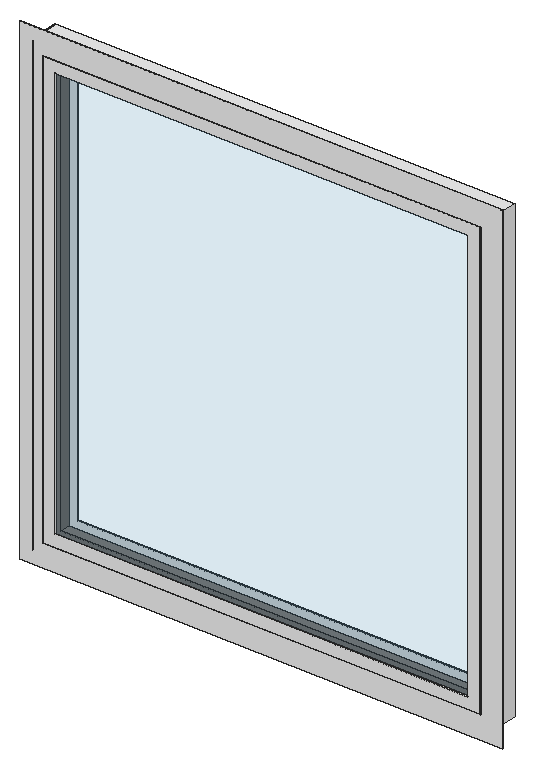
Revit family "Casement_36_H_Top_Hung_Custom", category Windows, host Wall, Revit 2014
Parameters (values of type "Casement_Sash_DG")
  Width Sash [instance] = 30 mm
  Width Sash Inner = 15 mm
  Width Bead = 15 mm
  Top Hung [instance] = yes
  Side Hung Right [instance] = yes
  Side Hung Left [instance] = yes
  Sash Opening Width [instance] = 600 mm
  Sash Opening Height [instance] = 600.312 mm
  Sash Lip = 15 mm
  Glazing Material [instance] = Glass
  DG Start Piece 2 [instance] = DG End Piece 1 + DG Gasket Thickness  # 25 mm
  DG Start Peice 1 [instance] = (Depth Sash - (2 * DG Glazing Thickness) - DG Gasket Thickness) / 2  # 6.6 mm
  Glazing Offset = 5 mm
  DG Glazing Thickness [instance] = 6.4 mm
  DG Gasket Thickness = 12 mm  # constant formula
  DG Gasket Material [instance] = Double Glazing Gasket Material
  DG End Piece 2 [instance] = DG Start Piece 2 + DG Glazing Thickness  # 31.4 mm
  DG End Piece 1 [instance] = DG Start Peice 1 + DG Glazing Thickness  # 13 mm
  Depth Sash [instance] = 38 mm
  Center Vertical Sash [instance] = Sash Opening Height / 2  # 300.156 mm
  Center Horizontal Sash [instance] = Sash Opening Width / 2  # 300 mm
  Bottom Hung [instance] = yes
  Bead Offset = 15 mm
  Aluminium Thickness = 1 mm
  Aluminium Material [instance] = White Powder Coated Aluminium
Reference planes
  plane 1 "Center (Front/Back)": y = 0
  plane 2: z = 0
  plane 3 "Center (Left/Right)": x = 0
Forms (mm)
  Sweep 1, solid, material "White Powder Coated Aluminium" <- "Aluminium Material"
    path origin (16.177, 0, 121.331) x (1, 0, 0) y (0, 0, 1)
      loop
        line (0, 0) -> (600, 0) -> (600, 600.312) -> (0, 600.312) -> (0, 0)
    profile origin (316.177, 0, 121.331) x (0, 0, 1) y (0, -1, 0)
      loop
        line (0, 0) -> (30, 0) -> (30, 1) -> (15, 1) -> (15, 38) -> (-15, 38) -> (-15, 37) -> (0, 37) -> (0, 0)
      loop
        line (14, 1) -> (14, 37) -> (1, 37) -> (1, 1) -> (14, 1)
  Sweep 2, solid, material "White Powder Coated Aluminium" <- "Aluminium Material"
    path origin (0, 0, 0) x (1, 0, 0) y (0, 0, 1)
      loop
        line (31.177, 706.643) -> (31.177, 136.331) -> (601.177, 136.331) -> (601.177, 706.643) -> (31.177, 706.643)
    profile origin (316.177, 0, 706.643) x (0, 0, 1) y (0, -1, 0)
      loop
        line (0, 37) -> (0, 38) -> (-15, 38) -> (-15, 37) -> (0, 37)
  Extrusion 3, solid, material "Glass" <- "Glazing Material"
    sketch origin (0, 0, 0) x (1, 0, 0) y (0, 0, 1)
      loop
        line (36.177, 701.643) -> (36.177, 141.331) -> (596.177, 141.331) -> (596.177, 701.643) -> (36.177, 701.643)
    from 6.6 <- "DG Start Peice 1" to 13 <- "DG End Piece 1"
  Extrusion 4, solid, material "Glass" <- "Glazing Material"
    sketch origin (0, 0, 0) x (1, 0, 0) y (0, 0, 1)
      loop
        line (36.177, 701.643) -> (36.177, 141.331) -> (596.177, 141.331) -> (596.177, 701.643) -> (36.177, 701.643)
    from 31.4 <- "DG End Piece 2" to 25 <- "DG Start Piece 2"
  Sweep 5, solid, material "Double Glazing Gasket Material" <- "DG Gasket Material"
    path origin (0, -13, 0) x (1, 0, 0) y (0, 0, 1)
      loop
        line (36.177, 701.643) -> (36.177, 141.331) -> (596.177, 141.331) -> (596.177, 701.643) -> (36.177, 701.643)
    profile origin (316.177, -13, 701.643) x (0, 0, 1) y (0, -1, 0)
      loop
        line (0, 0) -> (0, 12) -> (-7.96, 12) -> (-7.96, 0) -> (0, 0)
Lines and regions (mm)
  model lines
    curve 1: line (1.177, -38, 736.643) -> (31.177, -38, 706.643)
    curve 2: line (601.177, -38, 706.643) -> (631.177, -38, 736.643)
    curve 3: line (601.177, -38, 136.331) -> (631.177, -38, 106.331)
    curve 4: line (1.177, -38, 106.331) -> (31.177, -38, 136.331)
    curve 5: line (631.177, -37, 736.643) -> (616.177, -37, 721.643)
    curve 6: line (1.177, -37, 736.643) -> (16.177, -37, 721.643)
    curve 7: line (1.177, -37, 106.331) -> (16.177, -37, 121.331)
    curve 8: line (631.177, -37, 106.331) -> (616.177, -37, 121.331)
    curve 9: line (616.177, 0, 121.331) -> (586.177, 0, 151.331)
    curve 10: line (46.177, 0, 151.331) -> (16.177, 0, 121.331)
    curve 11: line (616.177, 0, 721.643) -> (586.177, 0, 691.643)
    curve 12: line (46.177, 0, 691.643) -> (16.177, 0, 721.643)
    curve 13: line (31.177, -38, 691.643) -> (46.177, -38, 691.643)
    curve 14: line (586.177, -38, 691.643) -> (601.177, -38, 691.643)
    curve 15: line (586.177, -38, 151.331) -> (601.177, -38, 151.331)
    curve 16: line (31.177, -38, 151.331) -> (46.177, -38, 151.331)
  model lines, style "GenericModelHiddenLines", visible <- "Top Hung"
    curve 17: line (46.386, -31.4, 690.914) -> (316.177, -31.4, 151.331)
    curve 18: line (316.177, -31.4, 151.331) -> (586.177, -31.4, 691.331)
  model lines, style "GenericModelHiddenLines", visible <- "Bottom Hung"
    curve 19: line (46.177, -31.4, 151.331) -> (316.177, -31.4, 691.331)
    curve 20: line (316.177, -31.4, 691.331) -> (586.177, -31.4, 151.331)
  model lines, style "GenericModelHiddenLines", visible <- "Side Hung Left"
    curve 21: line (46.386, -31.4, 690.914) -> (585.24, -31.4, 421.487)
    curve 22: line (585.24, -31.4, 421.487) -> (46.177, -31.4, 151.331)
  model lines, style "GenericModelHiddenLines", visible <- "Side Hung Right"
    curve 23: line (586.177, -31.4, 691.331) -> (46.177, -31.4, 421.487)
    curve 24: line (46.177, -31.4, 421.487) -> (586.177, -31.4, 151.331)
Dimensions and locks
  "Aluminium Thickness": Sweep 1 sketch curve to Sweep 1 sketch curve  (x4)
  "Depth Sash": Sweep 1 sketch curve to Sweep 1 sketch curve
  "Sash Opening Width": Sweep 1 to Sweep 1
  "Sash Opening Height": Sweep 1 to Sweep 1
  "Width Sash": Sweep 1 sketch curve to Sweep 1 sketch curve  (x2)
  "Width Sash Inner": Sweep 1 sketch curve to Sweep 1 sketch curve
  "Sash Lip": Sweep 1 sketch curve to Sweep 1 sketch curve
  "Aluminium Thickness": Sweep 1 to Sweep 2 sketch curve
  "Glazing Offset": Sweep 2 to Extrusion 3 sketch curve  (x3)
  "Glazing Offset": Extrusion 3 sketch curve to Sweep 2
  Sweep 1 to Sweep 1 = 1 mm
  "Aluminium Thickness": Sweep 2 sketch curve to Sweep 2 sketch curve
  "Width Bead": Sweep 2 sketch curve to Sweep 2 sketch curve
  locked: Sweep 5 sketch curve to Sweep 5 sketch curve at 7.96
  "Center Horizontal Sash": Sweep 1 to curve 18
  "Center Horizontal Sash": Sweep 1 to curve 20
  "Center Vertical Sash": Sweep 1 to curve 22
  "Center Vertical Sash": Sweep 1 to curve 24
  aligned and locked: level to plane 2
  aligned and locked: Sweep 1 sketch curve to Sweep 1 sketch curve  (x2)
  aligned and locked: Sweep 2 sketch curve to Sweep 1  (x5)
  aligned and locked: Extrusion 4 sketch curve to Extrusion 3  (x4)
  aligned and locked: Sweep 5 sketch curve to Extrusion 3  (x5)
  aligned and locked: Extrusion 3 to Sweep 5 sketch curve
Automatic sketch dimensions
  plane 3 "Center (Left/Right)" to Sweep 1 sketch curve = 16.177 mm
  level to Sweep 1 sketch curve = 121.331 mm
  plane 3 "Center (Left/Right)" to Sweep 1 sketch curve = 616.177 mm
  level to Sweep 1 sketch curve = 721.643 mm
  profile plane to Sweep 5 sketch curve = 12 mm
  curve 7 to Sweep 1 = 0 mm  (x4)
  curve 6 to Sweep 1 = 0 mm  (x3)
  Sweep 1 to curve 6 = 0 mm
  curve 5 to Sweep 1 = 0 mm  (x3)
  curve 8 to Sweep 1 = 0 mm  (x4)
  Sweep 1 to curve 5 = 0 mm
  curve 16 to Sweep 2 = 0 mm  (x3)
  curve 13 to Sweep 2 = 0 mm  (x3)
  curve 15 to Sweep 2 = 0 mm
  Sweep 2 to curve 15 = 0 mm  (x2)
  curve 14 to Sweep 2 = 0 mm  (x2)
  Sweep 2 to curve 14 = 0 mm
  curve 1 to Sweep 1 = 0 mm  (x4)
  curve 4 to Sweep 1 = 0 mm  (x3)
  Sweep 1 to curve 4 = 0 mm
  curve 3 to Sweep 1 = 0 mm  (x3)
  curve 2 to Sweep 1 = 0 mm  (x4)
  Sweep 1 to curve 3 = 0 mm
  curve 10 to Sweep 1 = 0 mm  (x4)
  curve 12 to Sweep 1 = 0 mm  (x3)
  Sweep 1 to curve 12 = 0 mm
  curve 9 to Sweep 1 = 0 mm  (x4)
  curve 11 to Sweep 1 = 0 mm  (x3)
  Sweep 1 to curve 11 = 0 mm
  Sweep 1 sketch curve to plane 1 "Center (Front/Back)" = 0 mm
  profile plane to Sweep 1 sketch curve = 0 mm
  curve 21 to Extrusion 4 = 10.208 mm
  curve 19 to Extrusion 4 = 10 mm
  curve 23 to Extrusion 4 = 10 mm  (x2)
  curve 22 to Extrusion 4 = 10.937 mm
  curve 20 to Extrusion 4 = 10 mm
  curve 24 to Extrusion 4 = 10 mm
  curve 22 to Extrusion 4 = 10 mm
  curve 18 to Extrusion 4 = 10 mm
  curve 21 to Extrusion 4 = 10.729 mm
  curve 19 to Extrusion 4 = 10.312 mm
  curve 18 to Extrusion 4 = 10.312 mm
